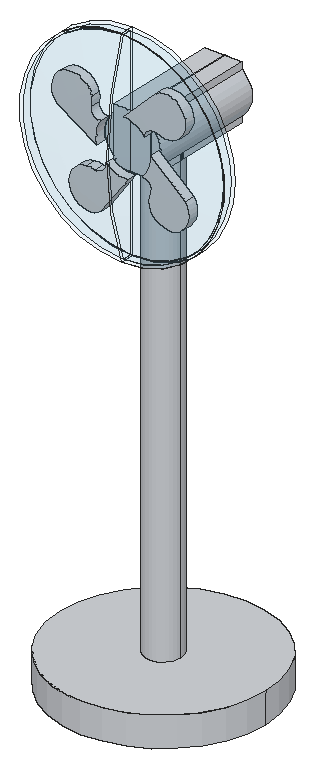
Revit family "standing_fan", category Electrical Equipment, Revit 2016
Family settings
  Panel Configuration = Two Columns, Circuits Across
  Part Type = Panelboard
  Round Connector Dimension = Use Diameter
  OmniClass Number = 23.80.30.11.17
  OmniClass Title = Distribution Boards and Control Panels
  Work Plane-Based = No
  Always vertical = Yes
  Cut with Voids When Loaded = No
  Shared = No
  Room Calculation Point = No
Parameters
  MY Revit website = "http://revit.sg"
  Height = 1100 mm
  Author = "Gary Lim"
Reference planes
  plane 1 "Center (Front/Back)": y = 0
  plane 2: z = 0
  plane 3 "Center (Left/Right)": x = 0
  plane 4 "fan centre": z = 1100
  plane 5 "back": y = -82.607
  plane 6: z = 1625
  plane 7 "fan blade": y = -112.607
Forms (mm)
  Extrusion 1, solid
    sketch origin (0, 0, 0) x (1, 0, 0) y (0, 1, 0)
      loop
        circle (0, 0) r 225
    from 0 to 65.036
  Extrusion 2, solid
    sketch origin (0, 0, 0) x (1, 0, 0) y (0, 1, 0)
      loop
        circle (0, 0) r 38
    from 65.036 to 1100
  Extrusion 3, solid
    sketch origin (0, -82.607, 0) x (0, 0, -1) y (-1, 0, 0)
      loop
        line (-1160, -38) -> (-1040, -38) -> (-1040, 42) -> (-1160, 42) -> (-1160, -38)
    from 0 to 250
  Extrusion 4, solid
    sketch origin (0, -82.607, 0) x (0, 0, -1) y (-1, 0, 0)
      loop
        circle (-1100, 0) r 60
    from 0 to 250
  Revolve 5, solid, material "Glass"
    sketch origin (0, 0, -500) x (0, 1, 0) y (0, 0, 1)
      loop
        line (-82.607, 1600) -> (-82.607, 1825) -> (-112.607, 1825)
        arc (-112.607, 1825) -> (-144.098, 1714.42) -> (-155.393, 1600) r 643.014
        line (-155.393, 1600) -> (-82.607, 1600)
      axis (-155.393, 1600) -> (-82.607, 1600)
    angle from 0 to 360
  Revolve 6, void
    sketch origin (0, 0, 0) x (0, 1, 0) y (0, 0, 1)
      loop
        line (-87.607, 1100) -> (-87.607, 1320) -> (-109.12, 1320)
        arc (-109.12, 1320) -> (-138.14, 1211.708) -> (-147.65, 1100) r 634.609
        line (-147.65, 1100) -> (-87.607, 1100)
      axis (-87.607, 1100) -> (-147.65, 1100)
    angle from 0 to 360
  Extrusion 7, solid
    sketch origin (0, -82.607, 0) x (0, 0, 1) y (-1, 0, 0)
      loop
        arc (1160, 0) -> (1154.083, -25.981) -> (1137.5, -46.838) r 60
        arc (1137.5, -46.838) -> (1152.624, -55.309) -> (1153.292, -72.632) r 17.729
        arc (1153.292, -72.632) -> (1150.06, -80.939) -> (1148.567, -89.727) r 44.054
        arc (1148.567, -89.727) -> (1202.458, -135.595) -> (1230.711, -70.711) r 44.054
        line (1230.711, -70.711) -> (1160, 0)
    from 5 to 25.9
  Extrusion 8, solid
    sketch origin (0, -82.607, 0) x (0, 0, 1) y (-1, 0, 0)
      loop
        arc (1105.229, -59.772) -> (1078.832, -56.142) -> (1056.609, -41.439) r 60
        arc (1056.609, -41.439) -> (1049.488, -57.245) -> (1032.289, -59.419) r 17.729
        arc (1032.289, -59.419) -> (1023.732, -56.924) -> (1014.848, -56.202) r 44.054
        arc (1014.848, -56.202) -> (973.851, -113.886) -> (1040.951, -136.376) r 44.054
        line (1040.951, -136.376) -> (1105.229, -59.772)
    from 5 to 25.9
  Extrusion 9, solid
    sketch origin (0, -82.607, 0) x (0, 0, 1) y (-1, 0, 0)
      loop
        arc (1040.912, -10.419) -> (1042.227, 16.195) -> (1054.937, 39.614) r 60
        arc (1054.937, 39.614) -> (1038.571, 45.331) -> (1034.905, 62.275) r 17.729
        arc (1034.905, 62.275) -> (1036.645, 71.017) -> (1036.59, 79.93) r 44.054
        arc (1036.59, 79.93) -> (975.552, 115.743) -> (958.996, 46.939) r 44.054
        line (958.996, 46.939) -> (1040.912, -10.419)
    from 5 to 25.9
  Extrusion 10, solid
    sketch origin (0, -82.607, 0) x (0, 0, 1) y (-1, 0, 0)
      loop
        arc (1084.471, 57.956) -> (1111.098, 58.965) -> (1135.536, 48.345) r 60
        arc (1135.536, 48.345) -> (1139.805, 65.146) -> (1156.364, 70.275) r 17.729
        arc (1156.364, 70.275) -> (1165.225, 69.303) -> (1174.099, 70.135) r 44.054
        arc (1174.099, 70.135) -> (1204.457, 134.062) -> (1134.471, 144.558) r 44.054
        line (1134.471, 144.558) -> (1084.471, 57.956)
    from 5 to 25.9
Cuts and joins
  Revolve 6 cuts Revolve 5
Dimensions and locks
  "Height": plane 4 "fan centre" to level
  locked: cut or joined group of Revolve 5, Revolve 6 to plane 4 "fan centre" at 225
  aligned and locked: level to plane 2
  aligned and locked: Extrusion 2 to Extrusion 1
  aligned and locked: plane 4 "fan centre" to Extrusion 2
Automatic sketch dimensions
  plane 1 "Center (Front/Back)" to Extrusion 1 sketch curve = 0 mm
  Extrusion 1 sketch curve to plane 3 "Center (Left/Right)" = 0 mm
  plane 1 "Center (Front/Back)" to Extrusion 2 sketch curve = 0 mm
  Extrusion 2 sketch curve to plane 3 "Center (Left/Right)" = 0 mm
  plane 4 "fan centre" to Extrusion 3 sketch curve = 60 mm
  Extrusion 3 sketch curve to plane 4 "fan centre" = 60 mm
  plane 3 "Center (Left/Right)" to Extrusion 3 sketch curve = 38 mm
  Extrusion 3 sketch curve to plane 3 "Center (Left/Right)" = 42 mm
  Extrusion 4 sketch curve to plane 3 "Center (Left/Right)" = 0 mm
  Extrusion 4 sketch curve to plane 4 "fan centre" = 0 mm
  Revolve 6 sketch curve to plane 4 "fan centre" = 0 mm  (x2)
  plane 7 "fan blade" to Revolve 6 sketch curve = 35.044 mm
  Revolve 6 sketch curve to plane 7 "fan blade" = 3.486 mm
  Revolve 6 sketch curve to plane 5 "back" = 5 mm
  plane 4 "fan centre" to Revolve 6 sketch curve = 2.232 mm
  Revolve 6 sketch curve to plane 1 "Center (Front/Back)" = 486.954 mm
  Revolve 6 sketch curve to Revolve 6 sketch curve = 64.956 mm
  Revolve 6 sketch curve to Revolve 6 sketch curve = 40 mm
  Extrusion 7 sketch curve to Extrusion 7 sketch curve = 0 mm  (x3)
  Extrusion 7 sketch curve to Extrusion 7 sketch curve = 32.523 mm
  Extrusion 7 sketch curve to Extrusion 7 sketch curve = 38.188 mm
  Extrusion 7 sketch curve to Extrusion 7 sketch curve = 55.018 mm
  Extrusion 7 sketch curve to Extrusion 7 sketch curve = 64.566 mm
  Extrusion 7 sketch curve to Extrusion 7 sketch curve = 6.145 mm
  Extrusion 7 sketch curve to Extrusion 7 sketch curve = 21.965 mm
  Extrusion 7 sketch curve to Extrusion 7 sketch curve = 4.725 mm
  Extrusion 8 sketch curve to Extrusion 8 sketch curve = 0 mm  (x2)
  Extrusion 8 sketch curve to Extrusion 8 sketch curve = 5.229 mm
  Extrusion 8 sketch curve to Extrusion 8 sketch curve = 64.279 mm
  Extrusion 8 sketch curve to Extrusion 8 sketch curve = 66.281 mm
  Extrusion 8 sketch curve to Extrusion 8 sketch curve = 25.21 mm
  Extrusion 8 sketch curve to Extrusion 8 sketch curve = 40.476 mm
  Extrusion 8 sketch curve to Extrusion 8 sketch curve = 36.128 mm
  Extrusion 8 sketch curve to Extrusion 8 sketch curve = 57.259 mm
  Extrusion 8 sketch curve to Extrusion 8 sketch curve = 17.661 mm
  Extrusion 8 sketch curve to Extrusion 8 sketch curve = 17.441 mm
  Extrusion 9 sketch curve to Extrusion 9 sketch curve = 0 mm  (x2)
  Extrusion 9 sketch curve to Extrusion 9 sketch curve = 48.147 mm
  Extrusion 9 sketch curve to Extrusion 9 sketch curve = 59.088 mm
  Extrusion 9 sketch curve to Extrusion 9 sketch curve = 59.063 mm
  Extrusion 9 sketch curve to Extrusion 9 sketch curve = 33.794 mm
  Extrusion 9 sketch curve to Extrusion 9 sketch curve = 57.358 mm
  Extrusion 9 sketch curve to Extrusion 9 sketch curve = 67.492 mm
  Extrusion 9 sketch curve to Extrusion 9 sketch curve = 28.263 mm
  Extrusion 9 sketch curve to Extrusion 9 sketch curve = 3.083 mm
  Extrusion 9 sketch curve to Extrusion 9 sketch curve = 1.685 mm
  Extrusion 10 sketch curve to Extrusion 10 sketch curve = 0 mm  (x2)
  Extrusion 10 sketch curve to Extrusion 10 sketch curve = 34.471 mm
  Extrusion 10 sketch curve to Extrusion 10 sketch curve = 52.659 mm
  Extrusion 10 sketch curve to Extrusion 10 sketch curve = 31.1 mm
  Extrusion 10 sketch curve to Extrusion 10 sketch curve = 15.529 mm
  Extrusion 10 sketch curve to Extrusion 10 sketch curve = 5.018 mm
  Extrusion 10 sketch curve to Extrusion 10 sketch curve = 60.419 mm
  Extrusion 10 sketch curve to Extrusion 10 sketch curve = 31.202 mm
  Extrusion 10 sketch curve to Extrusion 10 sketch curve = 17.123 mm
  Extrusion 10 sketch curve to Extrusion 10 sketch curve = 17.735 mm
  Revolve 5 sketch curve to plane 4 "fan centre" = 0 mm  (x2)
  Revolve 5 sketch curve to plane 7 "fan blade" = 0 mm
  Revolve 5 sketch curve to plane 5 "back" = 0 mm
  Revolve 5 sketch curve to Revolve 5 sketch curve = 72.787 mm
  Revolve 5 sketch curve to plane 4 "fan centre" = 5.705 mm
  Revolve 5 sketch curve to plane 1 "Center (Front/Back)" = 487.595 mm
  Revolve 5 sketch curve to Revolve 5 sketch curve = 127.213 mm
  Revolve 5 sketch curve to Revolve 5 sketch curve = 210.201 mm
  radius of Extrusion 1 sketch curve = 225 mm
  radius of Extrusion 2 sketch curve = 38 mm
  radius of Extrusion 4 sketch curve = 60 mm
  radius of Extrusion 7 sketch curve to Extrusion 4 = 0 mm
  radius of Extrusion 8 sketch curve to Extrusion 4 = 0 mm
  radius of Extrusion 9 sketch curve to Extrusion 4 = 0 mm
  radius of Extrusion 10 sketch curve to Extrusion 4 = 0 mm
